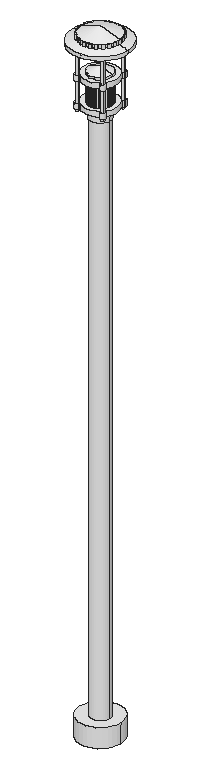
Revit family "BNM", category Lighting Fixtures, Revit 2021
Family settings
  Round Connector Dimension = Use Diameter
  Part Type = Normal
  Work Plane-Based = No
  Always vertical = Yes
  Cut with Voids When Loaded = No
  Light Source = Yes
  Shared = No
  Room Calculation Point = No
Parameters
  Wattage Comments = "60 LEDs, 66W"  # constant formula
  Wattage = 66 W
  built-in parameter 1150110 = 1 (stored number, unit not read)
  Voltage = 120 V
  URL = "https://www.currentlighting.com/kimlighting"
  Type Comments = "Lighting Fixture"  # constant formula
  built-in parameter 1114217 = 1 (stored number, unit not read)
  Tilt Angle = 90.00°
  built-in parameter 1150109 = 1 (stored number, unit not read)
  built-in parameter 1150134 = (empty or 0)
  built-in parameter 1150113 = 1 (stored number, unit not read)
  Series = "Mini_Bounce"  # constant formula
  Product Page URL = ""
  Product Documentation Link = ""
  Power Factor = 1  # constant formula
  Pole Visible = yes
  Photometric Web Link = ""
  Photometric Web File = "BNM-18LED-4K.ies"
  Photometric Notes = "More IES files download on Photometric Web Link"  # constant formula
  OmniClass Title = "Street and Roadway Lighting"  # constant formula
  OmniClass Number = "23-80 70 14 21"  # constant formula
  Number of Poles = 1
  Note Visible = yes
  Note Text = "LF"  # constant formula
  Model = "BNM"  # constant formula
  MasterFormat Title = "Parking Lighting, Site Lighting, Walkway Lighting"  # constant formula
  Manufacturer = "Kim Lighting"  # constant formula
  Lumens = 9803.77 lm
  built-in parameter 1150115 = 1 (stored number, unit not read)
  built-in parameter 1150105 = -3313674.1 (stored number, unit not read)
  Total Pole Height = 120"
  built-in parameter 1150137 = (empty or 0)
  built-in parameter 1150139 = (empty or 0)
  built-in parameter 1150112 = 1 (stored number, unit not read)
  built-in parameter 1150114 = 1 (stored number, unit not read)
  Lamp = "LED"  # constant formula
  Initial Lumens = 0 lm
  built-in parameter 1150132 = (empty or 0)
  built-in parameter 1150102 = (empty or 0)
  built-in parameter 1150138 = (empty or 0)
  built-in parameter 1150107 = 3000 (stored number, unit not read)
  built-in parameter 1150106 = -33136.7 (stored number, unit not read)
  Housing Material = Metal-Aluminum Alloy
  Glass Material = Glass-Clear
  Full Load Current = 0 A
  Finish = "All colors shall be a Super TGIC thermoset polyester powder coat paint"
  Emit from Circle Diameter = 6"  # constant formula
  Emit Shape Visible in Rendering = no
  built-in parameter 1150104 = 13.8 (stored number, unit not read)
  Dimming Lamp Color Temperature Shift = <None>
  Description = "Site/ Roadway Luminaire"  # constant formula
  Default Elevation = 0"
  Color Filter = 16777215
  Pole Material = Metal-Aluminum Alloy
  built-in parameter 1114218 = 1 (stored number, unit not read)
  Ballast Cover Material = Metal-Aluminum-Reflective
  built-in parameter 1150133 = 10 (stored number, unit not read)
  Assembly Code = "D5020200"
  Apparent Load = 0 VA
Reference planes (in)
  plane 1 "Light Source Axis (F/B)": y = 0
  plane 2 "Bottom": z = 0
  plane 3 "Light Source Axis (L/R)": x = 0
  plane 4 "Light Source Elevation": z = 132.37042
  plane 5: x = -2.44835
  plane 6: z = 127.81243
  plane 7: x = -2.74538
  plane 8: z = 126.43743
  plane 9: z = 127.43743
  plane 10: x = -3.9375
  plane 11: z = 133.12493
  plane 12: z = 132.99993
  plane 13: z = 133.81243
  plane 14: z = 134.43743
  plane 15 "Top": z = 135.12493
  plane 16 "Left": x = -6
  plane 17 "Right": x = 6
  plane 18: x = 0
  plane 19: y = 0
  plane 20: z = 132.37042
  plane 21 "Bottom of Head": z = 120
  plane 22: z = 121
  plane 23: z = 120.5
  plane 24: x = 2.74538
  plane 25: z = 122
  plane 26: y = 2.74538
  plane 27: y = -2.74538
  plane 28: x = 2.44835
Forms (in)
  Revolve 1, solid, material "Metal-Aluminum Alloy" <- "Housing Material"
    sketch origin (0, 0, -2) x (1, 0, 0) y (0, 0, 1)
      loop
        line (0, 122) -> (0, 128.43743) -> (-2.44835, 128.43743) -> (-2.44835, 122.5) -> (-1.94835, 122) -> (0, 122)
      axis (0, 128.43743) -> (0, 122)
    angle from 0 to 360
  Blend 2, solid, material "Metal-Aluminum Alloy" <- "Housing Material"
    base sketch origin (132.08336, 122.47476, 126.43743) x (0.707107, -0.707107, 0) y (0.707107, 0.707107, 0)
      loop
        arc (-3.25152, -179.54597) -> (-4.26873, -177.47427) -> (-6.34043, -176.45706) r 3.57192
        arc (-6.34043, -176.45706) -> (-6.79446, -175.5625) -> (-7.24849, -176.45706) r 0.5625
        arc (-7.24849, -176.45706) -> (-9.32019, -177.47427) -> (-10.33741, -179.54597) r 3.57192
        arc (-10.33741, -179.54597) -> (-11.23196, -180) -> (-10.33741, -180.45403) r 0.5625
        arc (-10.33741, -180.45403) -> (-9.32019, -182.52573) -> (-7.24849, -183.54294) r 3.57192
        arc (-7.24849, -183.54294) -> (-6.79446, -184.4375) -> (-6.34043, -183.54294) r 0.5625
        arc (-6.34043, -183.54294) -> (-4.26873, -182.52573) -> (-3.25152, -180.45403) r 3.57192
        arc (-3.25152, -180.45403) -> (-2.35696, -180) -> (-3.25152, -179.54597) r 0.5625
    top sketch origin (132.08336, 122.47476, 126.43743) x (0.707107, -0.707107, 0) y (0.707107, 0.707107, 0)
      loop
        arc (-3.25152, -179.54597) -> (-4.26873, -177.47427) -> (-6.34043, -176.45706) r 3.57192
        arc (-6.34043, -176.45706) -> (-6.79446, -175.5625) -> (-7.24849, -176.45706) r 0.5625
        arc (-7.24849, -176.45706) -> (-9.32019, -177.47427) -> (-10.33741, -179.54597) r 3.57192
        arc (-10.33741, -179.54597) -> (-11.23196, -180) -> (-10.33741, -180.45403) r 0.5625
        arc (-10.33741, -180.45403) -> (-9.32019, -182.52573) -> (-7.24849, -183.54294) r 3.57192
        arc (-7.24849, -183.54294) -> (-6.79446, -184.4375) -> (-6.34043, -183.54294) r 0.5625
        arc (-6.34043, -183.54294) -> (-4.26873, -182.52573) -> (-3.25152, -180.45403) r 3.57192
        arc (-3.25152, -180.45403) -> (-2.35696, -180) -> (-3.25152, -179.54597) r 0.5625
    from 0 to 1
  Extrusion 3, solid, material "Metal-Aluminum-Reflective" <- "Ballast Cover Material", detail levels medium+fine
    sketch origin (-4.44925, -180, 132.99993) x (0, -1, 0) y (-1, 0, 0)
      loop
        circle (-180, -4.44925) r 4.8125
      loop
        circle (-180, -4.44925) r 3.5
    from 0 to -0.125
  Revolve 4, solid, material "Metal-Aluminum Alloy" <- "Housing Material", detail levels medium+fine
    sketch origin (0, 0, 2) x (1, 0, 0) y (0, 0, 1)
      loop
        line (-2.74538, 131.12493) -> (-2.74538, 132.43743) -> (0, 132.43743) -> (0, 134.43743) -> (-4.12898, 133.12493) -> (-4.12898, 132.43743) -> (-4.25, 132.43743) -> (-6, 131.81243) -> (-6, 131.12493) -> (-2.74538, 131.12493)
      axis (0, 134.43743) -> (0, 131.12493)
    angle from 0 to 360
  Extrusion 5, solid, material "Metal-Aluminum Alloy" <- "Housing Material", detail levels fine
    sketch origin (0, 0, 0) x (1, 0, 0) y (0, 1, 0)
      loop
        line (-0.27303, 4.06332) -> (-0.73629, 3.99553) -> (-0.78461, 4.17585) -> (-1.31206, 4.03452) -> (-1.26375, 3.8542) -> (-1.74356, 3.65545) -> (-1.8369, 3.81712) -> (-2.30981, 3.54409) -> (-2.21646, 3.38242) -> (-2.68014, 3.06626) -> (-2.81214, 3.19826) -> (-3.19826, 2.81214) -> (-3.06626, 2.68014) -> (-3.38242, 2.26811) -> (-3.54409, 2.36145) -> (-3.81712, 1.88855) -> (-3.65545, 1.79521) -> (-3.8542, 1.31539) -> (-4.03452, 1.36371) -> (-4.17585, 0.83625) -> (-3.99553, 0.78794) -> (-4.06332, 0.27303) -> (-4.25, 0.27303) -> (-4.25, -0.27303) -> (-4.06332, -0.27303) -> (-3.99553, -0.78794) -> (-4.17585, -0.83625) -> (-4.03452, -1.36371) -> (-3.8542, -1.31539) -> (-3.65545, -1.79521) -> (-3.81712, -1.88855) -> (-3.54409, -2.36145) -> (-3.38242, -2.26811) -> (-3.06626, -2.68014) -> (-3.19826, -2.81214) -> (-2.81214, -3.19826) -> (-2.68014, -3.06626) -> (-2.21646, -3.38242) -> (-2.30981, -3.54409) -> (-1.8369, -3.81712) -> (-1.74356, -3.65545) -> (-1.26375, -3.8542) -> (-1.31206, -4.03452) -> (-0.78461, -4.17585) -> (-0.73629, -3.99553) -> (-0.27303, -4.06332) -> (-0.27303, -4.25) -> (0.27303, -4.25) -> (0.27303, -4.06332) -> (0.78794, -3.99553) -> (0.83625, -4.17585) -> (1.36371, -4.03452) -> (1.31539, -3.8542) -> (1.79521, -3.65545) -> (1.88855, -3.81712) -> (2.36145, -3.54409) -> (2.26811, -3.38242) -> (2.68014, -3.06626) -> (2.81214, -3.19826) -> (3.19826, -2.81214) -> (3.06626, -2.68014) -> (3.38242, -2.26811) -> (3.54409, -2.36145) -> (3.81712, -1.88855) -> (3.65545, -1.79521) -> (3.8542, -1.31539) -> (3.9755, -1.36371) -> (4.11683, -1.0089) -> (3.94107, -0.93889) -> (4.0043, -0.27303) -> (4.19098, -0.27303) -> (4.19098, 0.27303) -> (4.0043, 0.27303) -> (3.93651, 0.78794) -> (4.11683, 0.83625) -> (3.9755, 1.36371) -> (3.8542, 1.33121) -> (3.65545, 1.81102) -> (3.81712, 1.90436) -> (3.54409, 2.37727) -> (3.38242, 2.28392) -> (3.06626, 2.69595) -> (3.19826, 2.82796) -> (2.81214, 3.21408) -> (2.68014, 3.08208) -> (2.26811, 3.39824) -> (2.36145, 3.55991) -> (1.88855, 3.83294) -> (1.79521, 3.67127) -> (1.31539, 3.87001) -> (1.36371, 4.05033) -> (0.83625, 4.19166) -> (0.78794, 4.01134) -> (0.27303, 4.07913) -> (0.27303, 4.25) -> (-0.27303, 4.25) -> (-0.27303, 4.06332)
    from 134.43743 to 135.12493
  Extrusion 6, solid, material "Metal-Aluminum Alloy" <- "Housing Material", detail levels coarse
    sketch origin (0, 0, 0) x (1, 0, 0) y (0, 1, 0)
      loop
        circle (0, 0) r 6
    from 133.12493 to 135.12493
  Revolve 7, solid, material "Metal-Aluminum Alloy" <- "Housing Material"
    sketch origin (-6.42738, 2.74538, 48) x (-1, 0, 0) y (0, 0, 1)
      loop
        line (-3.682, 84.99993) -> (-3.682, 72.5) -> (-3.38497, 72.5) -> (-3.38497, 84.37042) -> (-3.25667, 84.37042) -> (-3.25667, 84.99993) -> (-3.682, 84.99993)
      axis (-3.682, 72.5) -> (-3.682, 84.99993)
    angle from 0 to 360
  Extrusion 8, solid, material "Metal-Aluminum Alloy" <- "Housing Material", detail levels fine
    sketch origin (0, 0, 0) x (1, 0, 0) y (0, 1, 0)
      loop
        line (-0.1592, 2.36922) -> (-0.42931, 2.32969) -> (-0.45749, 2.43484) -> (-0.76503, 2.35243) -> (-0.73686, 2.24729) -> (-1.01663, 2.1314) -> (-1.07105, 2.22567) -> (-1.34679, 2.06647) -> (-1.29237, 1.97221) -> (-1.56272, 1.78786) -> (-1.63969, 1.86483) -> (-1.86483, 1.63969) -> (-1.78786, 1.56272) -> (-1.97221, 1.32248) -> (-2.06647, 1.3769) -> (-2.22567, 1.10117) -> (-2.1314, 1.04674) -> (-2.24729, 0.76697) -> (-2.35243, 0.79514) -> (-2.43484, 0.4876) -> (-2.32969, 0.45943) -> (-2.36922, 0.1592) -> (-2.47807, 0.1592) -> (-2.47807, -0.1592) -> (-2.36922, -0.1592) -> (-2.32969, -0.45943) -> (-2.43484, -0.4876) -> (-2.35243, -0.79514) -> (-2.24729, -0.76697) -> (-2.1314, -1.04674) -> (-2.22567, -1.10117) -> (-2.06647, -1.3769) -> (-1.97221, -1.32248) -> (-1.78786, -1.56272) -> (-1.86483, -1.63969) -> (-1.63969, -1.86483) -> (-1.56272, -1.78786) -> (-1.29237, -1.97221) -> (-1.34679, -2.06647) -> (-1.07105, -2.22567) -> (-1.01663, -2.1314) -> (-0.73686, -2.24729) -> (-0.76503, -2.35243) -> (-0.45749, -2.43484) -> (-0.42931, -2.32969) -> (-0.1592, -2.36922) -> (-0.1592, -2.47807) -> (0.1592, -2.47807) -> (0.1592, -2.36922) -> (0.45943, -2.32969) -> (0.4876, -2.43484) -> (0.79514, -2.35243) -> (0.76697, -2.24729) -> (1.04674, -2.1314) -> (1.10117, -2.22567) -> (1.3769, -2.06647) -> (1.32248, -1.97221) -> (1.56272, -1.78786) -> (1.63969, -1.86483) -> (1.86483, -1.63969) -> (1.78786, -1.56272) -> (1.97221, -1.32248) -> (2.06647, -1.3769) -> (2.22567, -1.10117) -> (2.1314, -1.04674) -> (2.24729, -0.76697) -> (2.31802, -0.79514) -> (2.40042, -0.58826) -> (2.29794, -0.54744) -> (2.33481, -0.1592) -> (2.44366, -0.1592) -> (2.44366, 0.1592) -> (2.33481, 0.1592) -> (2.29528, 0.45943) -> (2.40042, 0.4876) -> (2.31802, 0.79514) -> (2.24729, 0.77619) -> (2.1314, 1.05596) -> (2.22567, 1.11039) -> (2.06647, 1.38612) -> (1.97221, 1.3317) -> (1.78786, 1.57194) -> (1.86483, 1.64891) -> (1.63969, 1.87405) -> (1.56272, 1.79708) -> (1.32248, 1.98143) -> (1.3769, 2.07569) -> (1.10117, 2.23489) -> (1.04674, 2.14062) -> (0.76697, 2.25651) -> (0.79514, 2.36165) -> (0.4876, 2.44406) -> (0.45943, 2.33892) -> (0.1592, 2.37844) -> (0.1592, 2.47807) -> (-0.1592, 2.47807) -> (-0.1592, 2.36922)
    from 122 to 126.43743
  Revolve 9, solid, material "Metal-Aluminum Alloy" <- "Housing Material"
    sketch origin (6.42738, 2.74538, 48) x (1, 0, 0) y (0, 0, -1)
      loop
        line (-3.682, -84.99993) -> (-3.25667, -84.99993) -> (-3.25667, -84.37042) -> (-3.38497, -84.37042) -> (-3.38497, -72.5) -> (-3.682, -72.5) -> (-3.682, -84.99993)
      axis (-3.682, -72.5) -> (-3.682, -84.99993)
    angle from 0 to 360
  Revolve 10, solid, material "Metal-Aluminum Alloy" <- "Housing Material"
    sketch origin (-6.42738, -2.74538, 48) x (-1, 0, 0) y (0, 0, 1)
      loop
        line (-3.682, 84.99993) -> (-3.682, 72.5) -> (-3.38497, 72.5) -> (-3.38497, 84.37042) -> (-3.25667, 84.37042) -> (-3.25667, 84.99993) -> (-3.682, 84.99993)
      axis (-3.682, 72.5) -> (-3.682, 84.99993)
    angle from 0 to 360
  Revolve 11, solid, material "Metal-Aluminum Alloy" <- "Housing Material"
    sketch origin (-6.42738, -2.74538, 48) x (-1, 0, 0) y (0, 0, 1)
      loop
        line (-9.17276, 84.99993) -> (-9.59809, 84.99993) -> (-9.59809, 84.37042) -> (-9.46979, 84.37042) -> (-9.46979, 72.5) -> (-9.17276, 72.5) -> (-9.17276, 84.99993)
      axis (-9.17276, 72.5) -> (-9.17276, 84.99993)
    angle from 0 to 360
  Blend 12, solid, material "Metal-Aluminum Alloy" <- "Housing Material"
    base sketch origin (132.08336, 122.47476, 24.87507) x (0.707107, -0.707107, 0) y (0.707107, 0.707107, 0)
      loop
        arc (-3.25152, -179.54597) -> (-4.26873, -177.47427) -> (-6.34043, -176.45706) r 3.57192
        arc (-6.34043, -176.45706) -> (-6.79446, -175.5625) -> (-7.24849, -176.45706) r 0.5625
        arc (-7.24849, -176.45706) -> (-9.32019, -177.47427) -> (-10.33741, -179.54597) r 3.57192
        arc (-10.33741, -179.54597) -> (-11.23196, -180) -> (-10.33741, -180.45403) r 0.5625
        arc (-10.33741, -180.45403) -> (-9.32019, -182.52573) -> (-7.24849, -183.54294) r 3.57192
        arc (-7.24849, -183.54294) -> (-6.79446, -184.4375) -> (-6.34043, -183.54294) r 0.5625
        arc (-6.34043, -183.54294) -> (-4.26873, -182.52573) -> (-3.25152, -180.45403) r 3.57192
        arc (-3.25152, -180.45403) -> (-2.35696, -180) -> (-3.25152, -179.54597) r 0.5625
    top sketch origin (132.08336, 122.47476, 24.87507) x (0.707107, -0.707107, 0) y (0.707107, 0.707107, 0)
      loop
        arc (-3.25152, -179.54597) -> (-4.26873, -177.47427) -> (-6.34043, -176.45706) r 3.57192
        arc (-6.34043, -176.45706) -> (-6.79446, -175.5625) -> (-7.24849, -176.45706) r 0.5625
        arc (-7.24849, -176.45706) -> (-9.32019, -177.47427) -> (-10.33741, -179.54597) r 3.57192
        arc (-10.33741, -179.54597) -> (-11.23196, -180) -> (-10.33741, -180.45403) r 0.5625
        arc (-10.33741, -180.45403) -> (-9.32019, -182.52573) -> (-7.24849, -183.54294) r 3.57192
        arc (-7.24849, -183.54294) -> (-6.79446, -184.4375) -> (-6.34043, -183.54294) r 0.5625
        arc (-6.34043, -183.54294) -> (-4.26873, -182.52573) -> (-3.25152, -180.45403) r 3.57192
        arc (-3.25152, -180.45403) -> (-2.35696, -180) -> (-3.25152, -179.54597) r 0.5625
    from 96.12493 to 97.12493
  Extrusion 13, solid, material "Glass-Clear" <- "Glass Material", detail levels medium+fine
    sketch origin (0, 0, 0) x (1, 0, 0) y (0, 1, 0)
      loop
        circle (0, 0) r 3.5
    from 132.99993 to 133.12493
  Revolve 14, solid, material "Metal-Aluminum-Reflective" <- "Ballast Cover Material", detail levels medium+fine
    sketch origin (0, 0, 0) x (1, 0, 0) y (0, 0, 1)
      loop
        line (0, 128.76504) -> (-2.44835, 127.81243) -> (-2.44835, 127.43743) -> (0, 127.43743) -> (0, 128.76504)
      axis (0, 128.76504) -> (0, 127.43743)
    angle from 0 to 360
Lines and regions (in)
  symbolic lines
    curve 1: circle (0, 0, 0) r 6 normal (0, 0, 1)
    curve 11: line (0, 0, 136.43676) -> (4.25, 0, 135.12493)
    curve 14: line (-4.3125, 0, 135.12493) -> (0, 0, 136.43676)
    curve 36: line (0, 0, 136.43678) -> (0, 4.3125, 135.12493)
    curve 39: line (0, -4.30363, 135.12313) -> (0, 0, 136.43678)
  symbolic lines, detail levels coarse
    curve 2: line (-6, 0, 0) -> (6, 0, 0)
    curve 3: line (0, 6, 0) -> (0, -6, 0)
    curve 12: line (4.25, 0, 135.12493) -> (4.25, 0, 127.43743)
    curve 13: line (-4.3125, 0, 127.43743) -> (-4.3125, 0, 135.12493)
    curve 24: line (-4.3125, 0, 135.12493) -> (-4.3125, 0, 127.43743)
    curve 34: line (4.25, 0, 135.12493) -> (-4.3125, 0, 127.43743)
    curve 35: line (-4.3125, 0, 135.12493) -> (4.25, 0, 127.43743)
    curve 37: line (0, 4.3125, 135.12493) -> (0, 4.3125, 127.43743)
    curve 38: line (0, -4.30363, 127.43743) -> (0, -4.30363, 135.12313)
    curve 40: line (0, 4.3125, 135.12493) -> (0, -4.30363, 127.43743)
    curve 41: line (0, -4.30363, 135.12313) -> (0, 4.3125, 127.43743)
    curve 44: line (0, 4.3125, 127.43743) -> (0, -4.30363, 127.43743)
    curve 89: line (4.25, 0, 127.43743) -> (-4.3125, 0, 127.43743)
    curve 90: line (3.04241, 0, 127.43743) -> (3.04241, 0, 120)
    curve 91: line (-3.04241, 0, 127.43743) -> (-3.04241, 0, 120)
    curve 92: line (3.04241, 0, 120) -> (-3.04241, 0, 120)
    curve 108: line (0, 3.04536, 127.43743) -> (0, 3.04536, 120)
    curve 109: line (0, -3.04115, 127.43743) -> (0, -3.04115, 120)
    curve 110: line (0, 3.04536, 120) -> (0, -3.04115, 120)
  symbolic lines, detail levels medium+fine
    curve 4: circle (0, 0, 0) r 4.8125 normal (0, 0, 1)
    curve 5: circle (0, 0, 0) r 0.5 normal (0, 0, 1)
    curve 16: line (3.17722, 0, 132.99993) -> (3.17722, 0, 132.37042)
    curve 17: line (3.17722, 0, 132.37042) -> (2.32132, 0, 132.37042)
    curve 18: line (2.32132, 0, 132.37042) -> (2.32132, 0, 132.99993)
    curve 19: line (4.25, 0, 134.43743) -> (6, 0, 133.81243)
    curve 20: line (6, 0, 133.81243) -> (6, 0, 133.12493)
    curve 21: line (6, 0, 133.12493) -> (-6, 0, 133.12493)
    curve 29: line (-6, 0, 133.79608) -> (-6, 0, 133.12493)
    curve 30: line (-4.3125, 0, 134.43743) -> (-6, 0, 133.81243)
    curve 31: line (4.25, 0, 134.43743) -> (4.25, 0, 135.12493)
    curve 32: line (-4.3125, 0, 135.12493) -> (-4.3125, 0, 134.43743)
    curve 45: line (0, 3.161, 132.99993) -> (0, 3.161, 132.37493)
    curve 46: line (0, 2.31486, 132.37493) -> (0, 2.31486, 132.99993)
    curve 47: line (0, 2.44752, 132.37493) -> (0, 2.44752, 120.5)
    curve 48: line (0, 3.04536, 120.5) -> (0, 3.04536, 132.37493)
    curve 49: line (0, -2.3202, 132.99993) -> (0, -2.3202, 132.37493)
    curve 50: line (0, -3.16368, 132.37493) -> (0, -3.16368, 132.99993)
    curve 51: line (0, -3.04115, 132.37493) -> (0, -3.04115, 120.5)
    curve 52: line (0, 4.3125, 134.43743) -> (0, 6.00138, 133.81243)
    curve 53: line (0, 6.00138, 133.81243) -> (0, 6.00138, 133.12493)
    curve 54: line (0, 6.00138, 133.12493) -> (0, -6, 133.12493)
    curve 55: line (0, -6, 133.12493) -> (0, -6, 133.81243)
    curve 56: line (0, -6, 133.81243) -> (0, -4.30363, 134.43743)
    curve 60: line (0, -2.3202, 132.37493) -> (0, -3.16368, 132.37493)
    curve 61: line (0, 3.161, 132.37493) -> (0, 2.31486, 132.37493)
    curve 62: line (0, 4.81765, 133.12493) -> (0, 4.81765, 132.99993)
    curve 63: line (0, 4.81765, 132.99993) -> (0, -4.8125, 132.99993)
    curve 64: line (0, -4.8125, 132.99993) -> (0, -4.8125, 133.12493)
    curve 65: line (0, 4.3125, 134.43743) -> (0, 4.3125, 135.12493)
    curve 66: line (0, -4.30987, 135.12493) -> (0, -4.30987, 134.43558)
    curve 67: line (0, -4.30987, 134.43558) -> (0, -5.99478, 133.8148)
    curve 69: line (2.44835, 0, 132.37042) -> (2.44835, 0, 120.5)
    curve 70: line (3.04241, 0, 132.37042) -> (3.04241, 0, 120.5)
    curve 71: line (3.04241, 0, 120.5) -> (2.44835, 0, 120.5)
    curve 72: line (-3.17722, 0, 132.99993) -> (-3.17722, 0, 132.37042)
    curve 73: line (-3.17722, 0, 132.37042) -> (-2.32057, 0, 132.37042)
    curve 74: line (-2.32057, 0, 132.37042) -> (-2.32057, 0, 132.99993)
    curve 75: line (-2.44835, 0, 132.37042) -> (-2.44835, 0, 120.5)
    curve 76: line (-3.04241, 0, 132.37042) -> (-3.04241, 0, 120.5)
    curve 77: line (-3.04241, 0, 120.5) -> (-2.44835, 0, 120.5)
    curve 78: line (3.57165, 0, 127.43743) -> (-3.57219, 0, 127.43743)
    curve 79: line (3.57165, 0, 126.43743) -> (3.57165, 0, 127.43743)
    curve 80: line (-3.57219, 0, 126.43743) -> (3.57165, 0, 126.43743)
    curve 81: line (-3.57219, 0, 127.43743) -> (-3.57219, 0, 126.43743)
    curve 82: line (3.57165, 0, 122) -> (-3.57219, 0, 122)
    curve 83: line (3.57165, 0, 121) -> (3.57165, 0, 122)
    curve 84: line (-3.57219, 0, 121) -> (3.57165, 0, 121)
    curve 85: line (-3.57219, 0, 122) -> (-3.57219, 0, 121)
    curve 86: line (2.44835, 0, 120.5) -> (1.94835, 0, 120)
    curve 87: line (-2.44835, 0, 120.5) -> (-1.94761, 0, 120)
    curve 88: line (1.94835, 0, 120) -> (-1.94761, 0, 120)
    curve 93: line (4.81942, 0, 133.12493) -> (4.81942, 0, 132.99993)
    curve 94: line (4.81942, 0, 132.99993) -> (-4.8125, 0, 132.99993)
    curve 95: line (-4.8125, 0, 132.99993) -> (-4.8125, 0, 133.12493)
    curve 97: line (0, 3.57186, 126.43743) -> (0, -3.56948, 126.43743)
    curve 98: line (0, 3.57186, 127.43743) -> (0, 3.57186, 126.43743)
    curve 99: line (0, -3.56948, 127.43743) -> (0, 3.57186, 127.43743)
    curve 100: line (0, -3.56948, 126.43743) -> (0, -3.56948, 127.43743)
    curve 101: line (0, 3.57186, 122) -> (0, -3.57197, 122)
    curve 102: line (0, 3.57186, 121) -> (0, 3.57186, 122)
    curve 103: line (0, -3.57197, 121) -> (0, 3.57186, 121)
    curve 104: line (0, -3.57197, 122) -> (0, -3.57197, 121)
    curve 105: line (0, 2.44752, 120.5) -> (0, 1.94752, 120)
    curve 106: line (0, 1.94752, 120) -> (0, -1.94835, 120)
    curve 107: line (0, -2.44835, 120.5) -> (0, -1.94835, 120)
    curve 111: line (0, 3.04536, 120.5) -> (0, 2.44752, 120.5)
    curve 112: line (0, -2.44835, 120.5) -> (0, -3.04115, 120.5)
    curve 113: line (0, -2.44962, 132.37493) -> (0, -2.44962, 120.5)
  symbolic lines, detail levels fine
    curve 6: circle (-2.78949, 2.78917, 0) r 0.51175 normal (0, 0, 1)
    curve 7: circle (2.78895, 2.78917, 0) r 0.51175 normal (0, 0, 1)
    curve 8: circle (-2.78949, -2.78928, 0) r 0.51175 normal (0, 0, -1)
    curve 9: circle (2.78895, -2.78928, 0) r 0.51175 normal (0, 0, -1)
    curve 10: circle (0, 0, 0) r 4.50976 normal (0, 0, 1)
    curve 15: line (2.44835, 0, 127.81243) -> (-0.0046, 0, 128.76679)
    curve 22: line (4.25, 0, 134.43743) -> (0, 0, 134.43743)
    curve 23: line (4.25, 0, 135.12493) -> (0, 0, 135.12493)
    curve 25: line (-2.45485, 0, 127.81243) -> (-0.0046, 0, 128.76679)
    curve 26: line (-4.3125, 0, 134.43743) -> (0, 0, 134.43743)
    curve 27: line (-4.3125, 0, 135.12493) -> (0, 0, 135.12493)
    curve 28: line (6, 0, 133.81243) -> (-6, 0, 133.81243)
    curve 33: line (2.5065, 0, 127.81243) -> (-2.45485, 0, 127.81243)
    curve 42: line (0, -2.41503, 127.81243) -> (0, -0.00822, 128.76816)
    curve 43: line (0, 2.44344, 127.81243) -> (0, -0.00822, 128.76816)
    curve 57: line (0, 4.3125, 134.43743) -> (0, -4.30363, 134.43743)
    curve 58: line (0, 4.3125, 135.12493) -> (0, -4.30987, 135.12493)
    curve 59: line (0, 6.00138, 133.81243) -> (0, -6, 133.81243)
    curve 68: line (0, 2.44344, 127.81243) -> (0, -2.44962, 127.81243)
    curve 96: line (2.44835, 0, 120.5) -> (-2.44835, 0, 120.5)
    curve 114: line (0, 2.44752, 120.5) -> (0, -2.44835, 120.5)
Dimensions and locks (in)
  locked: plane 5 to plane 3 "Light Source Axis (L/R)" at 2.44835
  locked: plane 7 to plane 3 "Light Source Axis (L/R)" at 2.74538
  locked: plane 10 to plane 3 "Light Source Axis (L/R)" at 3.9375
  locked: plane 23 to plane 21 "Bottom of Head" at 0.5
  locked: plane 22 to plane 21 "Bottom of Head" at 1
  locked: plane 25 to plane 21 "Bottom of Head" at 2
  locked: plane 8 to plane 21 "Bottom of Head" at 6.43743
  locked: plane 9 to plane 21 "Bottom of Head" at 7.43743
  locked: plane 6 to plane 21 "Bottom of Head" at 7.81243
  locked: plane 20 to plane 21 "Bottom of Head" at 12.37042
  locked: plane 12 to plane 21 "Bottom of Head" at 12.99993
  locked: plane 11 to plane 21 "Bottom of Head" at 13.12493
  locked: plane 13 to plane 21 "Bottom of Head" at 13.81243
  locked: plane 14 to plane 21 "Bottom of Head" at 14.43743
  locked: plane 15 "Top" to plane 21 "Bottom of Head" at 15.12493
  "Total Pole Height": plane 21 "Bottom of Head" to plane 2 "Bottom"
  equal spacing: plane 26, plane 1 "Light Source Axis (F/B)", plane 27
  locked: plane 26 to plane 27 at 5.49076
  locked: plane 3 "Light Source Axis (L/R)" to plane 24 at 2.74538
  locked: plane 3 "Light Source Axis (L/R)" to plane 28 at 2.44835
  locked: plane 16 "Left" to plane 3 "Light Source Axis (L/R)" at 6
  locked: plane 3 "Light Source Axis (L/R)" to plane 17 "Right" at 6
  aligned and locked: plane 3 "Light Source Axis (L/R)" to imposter light
  aligned and locked: imposter light to plane 1 "Light Source Axis (F/B)"
  aligned and locked: plane 4 "Light Source Elevation" to imposter light
  aligned and locked: Blend 2 to plane 9
  aligned and locked: plane 11 to Extrusion 3  (x3)
  aligned and locked: plane 12 to Extrusion 3  (x2)
  aligned and locked: Revolve 4 to plane 13
  aligned and locked: plane 16 "Left" to Revolve 4
  aligned and locked: plane 17 "Right" to Revolve 4
  aligned and locked: Blend 2 to plane 8
  aligned and locked: Extrusion 5 to plane 15 "Top"
  aligned and locked: plane 14 to Extrusion 5
  aligned and locked: Extrusion 6 to plane 15 "Top"  (x2)
  aligned and locked: Extrusion 6 to plane 11
  aligned and locked: plane 18 to nested 1
  aligned and locked: plane 25 to Extrusion 8
  aligned and locked: plane 8 to Extrusion 8
  aligned and locked: Blend 12 to plane 25
  aligned and locked: plane 22 to Blend 12
  aligned and locked: plane 11 to Extrusion 13
  aligned and locked: plane 12 to Extrusion 13
  aligned and locked: plane 4 "Light Source Elevation" to plane 20
  aligned and locked: Revolve 11 sketch curve to plane 4 "Light Source Elevation"
  aligned and locked: plane 4 "Light Source Elevation" to Revolve 9 sketch curve
  aligned and locked: plane 4 "Light Source Elevation" to Revolve 10 sketch curve
  aligned and locked: Revolve 7 sketch curve to plane 4 "Light Source Elevation"
  aligned and locked: curve 69 to plane 28
  aligned and locked: curve 75 to plane 5
  aligned and locked: plane 12 to Revolve 11 sketch curve
  aligned and locked: Revolve 10 sketch curve to plane 12
  aligned and locked: Revolve 7 sketch curve to plane 12
  aligned and locked: plane 12 to Revolve 9 sketch curve
  aligned and locked: Revolve 11 sketch curve to plane 23
  aligned and locked: plane 24 to Revolve 11 sketch curve
  aligned and locked: plane 7 to Revolve 10 sketch curve
  aligned and locked: plane 23 to Revolve 10 sketch curve
  aligned and locked: Revolve 9 sketch curve to plane 23
  aligned and locked: plane 24 to Revolve 9 sketch curve
  aligned and locked: plane 7 to Revolve 7 sketch curve
  aligned and locked: plane 23 to Revolve 7 sketch curve
  aligned and locked: plane 22 to curve 84
  aligned and locked: curve 82 to plane 25
  aligned and locked: Revolve 1 to plane 8  (x2)
  aligned and locked: Revolve 1 sketch curve to plane 21 "Bottom of Head"
  aligned and locked: plane 23 to Revolve 1 sketch curve
  aligned and locked: Revolve 1 sketch curve to plane 18
  aligned and locked: Revolve 1 sketch curve to plane 5
  aligned and locked: Revolve 1 sketch curve to plane 8
  aligned and locked: plane 25 to Blend 12  (x2)
  aligned and locked: Revolve 14 sketch curve to plane 18
  aligned and locked: plane 9 to Revolve 14 sketch curve
  aligned and locked: curve 75 to Revolve 14 sketch curve
  aligned and locked: plane 14 to Revolve 4  (x3)
  aligned and locked: Revolve 4 to plane 15 "Top"
  aligned and locked: plane 15 "Top" to Extrusion 6
  aligned and locked: Revolve 4 to plane 11  (x3)
  aligned and locked: curve 94 to plane 12
  aligned and locked: Extrusion 13 to plane 11  (x2)
  aligned and locked: Extrusion 13 to plane 12  (x2)
  aligned and locked: Revolve 4 sketch curve to plane 14
  aligned and locked: plane 11 to Revolve 4 sketch curve
  aligned and locked: plane 16 "Left" to Revolve 4 sketch curve
  aligned and locked: plane 13 to Revolve 4 sketch curve
  aligned and locked: plane 14 to Revolve 4 sketch curve  (x2)
  aligned and locked: plane 15 "Top" to Revolve 4 sketch curve
  aligned and locked: plane 18 to Revolve 4 sketch curve
  aligned and locked: Revolve 4 sketch curve to plane 18
  aligned and locked: plane 20 to imposter light
  aligned and locked: plane 9 to curve 35
  aligned and locked: curve 78 to plane 9
  aligned and locked: curve 80 to plane 8
  aligned and locked: plane 9 to Revolve 14
  aligned and locked: Blend 12 to plane 22
  aligned and locked: plane 9 to curve 34
  aligned and locked: plane 6 to curve 33  (x2)
  aligned and locked: plane 18 to Revolve 14 sketch curve
  aligned and locked: plane 6 to Revolve 14 sketch curve
  aligned and locked: plane 15 "Top" to Revolve 4
  aligned and locked: Revolve 4 to plane 14  (x2)
  aligned and locked: plane 13 to Revolve 4
  aligned and locked: plane 13 to curve 28
  aligned and locked: plane 15 "Top" to curve 31
  aligned and locked: plane 15 "Top" to curve 32
  aligned and locked: plane 13 to curve 30
  aligned and locked: plane 11 to curve 29
  aligned and locked: plane 11 to curve 21
  aligned and locked: plane 14 to curve 57
  aligned and locked: plane 15 "Top" to curve 58
  aligned and locked: plane 15 "Top" to curve 65
  aligned and locked: plane 19 to curve 39
  aligned and locked: plane 13 to curve 52
  aligned and locked: plane 11 to curve 54  (x2)
  aligned and locked: plane 12 to curve 63
  aligned and locked: plane 11 to Revolve 4
  aligned and locked: plane 13 to curve 59
  aligned and locked: plane 6 to curve 68  (x2)
  aligned and locked: plane 9 to curve 44
  aligned and locked: curve 97 to plane 8
  aligned and locked: plane 8 to Blend 2  (x2)
  aligned and locked: plane 25 to curve 101
  aligned and locked: curve 103 to plane 22
  aligned and locked: plane 21 "Bottom of Head" to curve 110
  aligned and locked: plane 18 to Extrusion 6 sketch curve
  aligned and locked: plane 19 to Extrusion 6 sketch curve
  aligned and locked: plane 19 to Extrusion 3 sketch curve  (x2)
  aligned and locked: plane 18 to Extrusion 3 sketch curve  (x2)
  aligned and locked: plane 3 "Light Source Axis (L/R)" to Extrusion 13 sketch curve
  aligned and locked: plane 1 "Light Source Axis (F/B)" to Extrusion 13 sketch curve
  aligned and locked: nested 2 to plane 18
  aligned and locked: nested 2 to plane 21 "Bottom of Head"
  aligned and locked: plane 1 "Light Source Axis (F/B)" to nested 2
Automatic sketch dimensions
  curve 56 to plane 14 = 0"
  curve 100 to plane 9 = 0"
  curve 112 to plane 23 = 0"
  curve 51 to plane 23 = 0"
  curve 113 to plane 23 = 0"
  curve 107 to plane 21 "Bottom of Head" = 0"
  curve 52 to plane 14 = 0"
  plane 1 "Light Source Axis (F/B)" to curve 43 = 0.00822"
  curve 106 to plane 27 = 0.79703"
  curve 60 to plane 4 "Light Source Elevation" = 0.00451"
  curve 60 to plane 27 = 0.42518"
  curve 42 to plane 27 = 0.33035"
  curve 112 to plane 27 = 0.29703"
  curve 68 to curve 42 = 0.03459"
  plane 27 to curve 51 = 0.29577"
  plane 27 to curve 109 = 0.29577"
  curve 50 to curve 51 = 0.12253"
  plane 27 to curve 100 = 0.8241"
  plane 27 to curve 101 = 0.82659"
  curve 40 to curve 99 = 0.73415"
  plane 14 to curve 66 = 0.00185"
  curve 66 to curve 57 = 0.00624"
  curve 64 to curve 66 = 0.50263"
  plane 13 to curve 67 = 0.00237"
  curve 67 to curve 64 = 1.18228"
  curve 59 to curve 67 = 0.00522"
  curve 105 to plane 26 = 0.79786"
  curve 46 to plane 26 = 0.43052"
  curve 68 to plane 26 = 0.30194"
  curve 114 to plane 26 = 0.29786"
  plane 26 to curve 110 = 0.29998"
  plane 26 to curve 48 = 0.29998"
  plane 26 to curve 45 = 0.41562"
  curve 48 to curve 102 = 0.52651"
  curve 108 to curve 98 = 0.52651"
  plane 26 to curve 57 = 1.56712"
  curve 57 to curve 62 = 0.50515"
  curve 62 to curve 52 = 1.18374"
  curve 42 to plane 6 = 0.95574"
  curve 61 to plane 4 "Light Source Elevation" = 0.00451"
  plane 15 "Top" to curve 41 = 0.0018"
  curve 36 to plane 15 "Top" = 1.31186"
  curve 1 to curve 4 = 0"  (x2)
  curve 1 to curve 5 = 0"  (x2)
  curve 1 to curve 10 = 0"  (x2)
  curve 4 to curve 5 = 0"  (x2)
  curve 4 to curve 10 = 0"  (x2)
  curve 5 to curve 10 = 0"  (x2)
  curve 2 to plane 1 "Light Source Axis (F/B)" = 0"
  curve 2 to plane 16 "Left" = 0"
  curve 3 to plane 3 "Light Source Axis (L/R)" = 0"
  curve 4 to plane 1 "Light Source Axis (F/B)" = 0"
  curve 4 to plane 3 "Light Source Axis (L/R)" = 0"
  curve 8 to plane 7 = 0.04411"
  curve 6 to plane 7 = 0.04411"
  curve 9 to plane 24 = 0.04357"
  curve 7 to plane 24 = 0.04357"
  plane 27 to curve 9 = 0.0439"
  plane 27 to curve 8 = 0.0439"
  plane 26 to curve 6 = 0.04379"
  plane 26 to curve 7 = 0.04379"
  curve 29 to plane 16 "Left" = 0"
  curve 28 to plane 16 "Left" = 0"
  curve 26 to plane 14 = 0"
  curve 30 to plane 14 = 0"
  curve 73 to plane 4 "Light Source Elevation" = 0"
  curve 92 to plane 21 "Bottom of Head" = 0"
  curve 77 to plane 23 = 0"
  curve 87 to plane 21 "Bottom of Head" = 0"
  curve 11 to plane 3 "Light Source Axis (L/R)" = 0"
  curve 23 to plane 3 "Light Source Axis (L/R)" = 0"
  curve 26 to plane 3 "Light Source Axis (L/R)" = 0"
  curve 18 to plane 4 "Light Source Elevation" = 0"
  curve 15 to plane 28 = 0"
  curve 19 to plane 14 = 0"
  curve 20 to plane 17 "Right" = 0"
  plane 10 to curve 84 = 0.36531"
  plane 10 to curve 80 = 0.36531"
  curve 72 to plane 7 = 0.43184"
  curve 72 to curve 76 = 0.13481"
  curve 92 to plane 7 = 0.29703"
  curve 33 to plane 5 = 0.0065"
  curve 75 to curve 74 = 0.12778"
  plane 5 to curve 87 = 0.50074"
  curve 15 to plane 3 "Light Source Axis (L/R)" = 0.0046"
  plane 28 to curve 86 = 1/2"
  plane 28 to curve 18 = 0.12704"
  curve 33 to plane 28 = 0.05814"
  curve 90 to plane 24 = 0.29703"
  curve 70 to plane 24 = 0.29703"
  curve 16 to plane 24 = 0.43184"
  curve 83 to plane 24 = 0.82627"
  curve 90 to curve 78 = 0.52924"
  curve 23 to plane 24 = 1.50462"
  curve 93 to plane 17 "Right" = 1.18058"
  curve 25 to plane 6 = 0.95436"
  curve 29 to curve 28 = 0.01635"
  curve 23 to curve 11 = 1.31183"
  Revolve 1 sketch curve to plane 3 "Light Source Axis (L/R)" = 0"
  plane 5 to Revolve 1 sketch curve = 1/2"
  Revolve 1 sketch curve to level = 26"
  Revolve 1 sketch curve to plane 15 "Top" = 39.42008"
  Blend 2 sketch curve to Blend 2 sketch curve = 0"  (x28)
  Blend 2 sketch curve to plane 26 = 0.0054"  (x2)
  plane 7 to Blend 2 sketch curve = 0.00507"  (x2)
  Blend 2 sketch curve to Blend 2 sketch curve = 0.33206"  (x10)
  Blend 2 sketch curve to Blend 2 sketch curve = 3.08891"  (x4)
  Blend 2 sketch curve to Blend 2 sketch curve = 0.45403"  (x12)
  Blend 2 sketch curve to Blend 2 sketch curve = 3.54294"  (x2)
  Revolve 4 sketch curve to plane 7 = 0"
  Revolve 4 sketch curve to level = 26"
  Revolve 4 sketch curve to plane 15 "Top" = 1 5/16"
  Revolve 4 sketch curve to Revolve 4 sketch curve = 50.2325"
  Extrusion 5 sketch curve to plane 10 = 0.05803"  (x2)
  plane 10 to Extrusion 5 sketch curve = 0.0833"  (x2)
  plane 10 to Extrusion 5 sketch curve = 0.12038"  (x2)
  Extrusion 5 sketch curve to Extrusion 5 sketch curve = 0.16167"  (x12)
  plane 10 to Extrusion 5 sketch curve = 0.39341"  (x2)
  plane 26 to Extrusion 5 sketch curve = 0.06676"
  Extrusion 5 sketch curve to plane 7 = 0.45288"  (x2)
  plane 27 to Extrusion 5 sketch curve = 0.06676"  (x2)
  Extrusion 5 sketch curve to plane 26 = 0.06524"
  Extrusion 5 sketch curve to Extrusion 5 sketch curve = 0.132"  (x4)
  Extrusion 5 sketch curve to plane 27 = 0.06524"  (x2)
  Extrusion 5 sketch curve to plane 7 = 0.06676"  (x2)
  plane 7 to Extrusion 5 sketch curve = 0.06524"  (x2)
  plane 5 to Extrusion 5 sketch curve = 0.13855"  (x2)
  Extrusion 5 sketch curve to Extrusion 5 sketch curve = 0.09334"  (x9)
  Extrusion 5 sketch curve to Extrusion 5 sketch curve = 0.4729"  (x2)
  Extrusion 5 sketch curve to Extrusion 5 sketch curve = 0.52484"  (x3)
  Extrusion 5 sketch curve to Extrusion 5 sketch curve = 0.04832"  (x12)
  Extrusion 5 sketch curve to Extrusion 5 sketch curve = 0.52745"  (x4)
  Extrusion 5 sketch curve to plane 3 "Light Source Axis (L/R)" = 0.27303"  (x2)
  plane 3 "Light Source Axis (L/R)" to Extrusion 5 sketch curve = 0.27303"  (x2)
  Extrusion 5 sketch curve to Extrusion 5 sketch curve = 0.51491"  (x4)
  Extrusion 5 sketch curve to Extrusion 5 sketch curve = 0.47982"  (x4)
  plane 28 to Extrusion 5 sketch curve = 0.18025"  (x2)
  plane 28 to Extrusion 5 sketch curve = 0.0869"  (x2)
  plane 24 to Extrusion 5 sketch curve = 0.06524"  (x2)
  Extrusion 5 sketch curve to plane 24 = 0.06676"  (x2)
  Extrusion 5 sketch curve to plane 24 = 0.32088"  (x2)
  Extrusion 5 sketch curve to plane 26 = 0.04943"
  plane 26 to Extrusion 5 sketch curve = 0.08258"
  Extrusion 5 sketch curve to Extrusion 5 sketch curve = 0.31616"  (x6)
  Extrusion 5 sketch curve to plane 27 = 0.38393"  (x2)
  Extrusion 5 sketch curve to plane 26 = 0.36812"
  Extrusion 5 sketch curve to Extrusion 5 sketch curve = 0.27303"  (x2)
  Extrusion 5 sketch curve to Extrusion 5 sketch curve = 0.19875"  (x6)
  Extrusion 5 sketch curve to Extrusion 5 sketch curve = 0.08231"
  Extrusion 5 sketch curve to Extrusion 5 sketch curve = 0.08688"
  Extrusion 5 sketch curve to Extrusion 5 sketch curve = 0.1213"  (x2)
  plane 1 "Light Source Axis (F/B)" to Extrusion 5 sketch curve = 0.27303"  (x2)
  Extrusion 5 sketch curve to Extrusion 5 sketch curve = 0.06322"
  Extrusion 5 sketch curve to plane 1 "Light Source Axis (F/B)" = 0.27303"  (x2)
  Extrusion 5 sketch curve to Extrusion 5 sketch curve = 0.06779"  (x5)
  Extrusion 5 sketch curve to Extrusion 5 sketch curve = 0.18032"  (x3)
  Extrusion 5 sketch curve to Extrusion 5 sketch curve = 0.17575"
  Extrusion 5 sketch curve to Extrusion 5 sketch curve = 0.18668"  (x4)
  Extrusion 5 sketch curve to Extrusion 5 sketch curve = 0.14133"  (x4)
  Extrusion 5 sketch curve to Extrusion 5 sketch curve = 0.4315"
  Revolve 7 sketch curve to plane 7 = 0"
  Revolve 7 sketch curve to plane 12 = 0"
  Revolve 7 sketch curve to plane 7 = 0.29703"
  Revolve 7 sketch curve to Revolve 7 sketch curve = 0.12831"
  Revolve 7 sketch curve to plane 25 = 0.74993"
  Extrusion 8 sketch curve to plane 5 = 0.02972"
  plane 5 to Extrusion 8 sketch curve = 0.01352"  (x2)
  plane 5 to Extrusion 8 sketch curve = 0.07913"  (x2)
  plane 5 to Extrusion 8 sketch curve = 0.09593"  (x2)
  Extrusion 8 sketch curve to Extrusion 8 sketch curve = 0.10514"  (x4)
  plane 5 to Extrusion 8 sketch curve = 0.22268"  (x2)
  Extrusion 8 sketch curve to Extrusion 8 sketch curve = 0.09427"  (x8)
  Extrusion 8 sketch curve to Extrusion 8 sketch curve = 0.1592"  (x2)
  Extrusion 8 sketch curve to Extrusion 8 sketch curve = 0.20164"  (x4)
  Extrusion 8 sketch curve to Extrusion 8 sketch curve = 0.07697"  (x12)
  Extrusion 8 sketch curve to Extrusion 8 sketch curve = 0.22514"  (x4)
  Extrusion 8 sketch curve to Extrusion 8 sketch curve = 0.21593"  (x2)
  Extrusion 8 sketch curve to plane 26 = 0.77317"
  Extrusion 8 sketch curve to Extrusion 8 sketch curve = 0.05443"  (x10)
  Extrusion 8 sketch curve to plane 27 = 0.77317"
  Extrusion 8 sketch curve to plane 27 = 0.51971"  (x2)
  Extrusion 8 sketch curve to Extrusion 8 sketch curve = 0.27574"  (x4)
  Extrusion 8 sketch curve to plane 26 = 0.51971"
  Extrusion 8 sketch curve to plane 26 = 0.61398"
  Extrusion 8 sketch curve to plane 27 = 0.61398"
  Extrusion 8 sketch curve to Extrusion 8 sketch curve = 0.30602"  (x3)
  Extrusion 8 sketch curve to plane 26 = 0.49809"
  Extrusion 8 sketch curve to Extrusion 8 sketch curve = 0.02817"  (x12)
  Extrusion 8 sketch curve to plane 27 = 0.49809"
  Extrusion 8 sketch curve to Extrusion 8 sketch curve = 0.30754"  (x4)
  Extrusion 8 sketch curve to plane 3 "Light Source Axis (L/R)" = 0.1592"  (x2)
  plane 3 "Light Source Axis (L/R)" to Extrusion 8 sketch curve = 0.1592"  (x2)
  Extrusion 8 sketch curve to Extrusion 8 sketch curve = 0.30023"  (x4)
  Extrusion 8 sketch curve to plane 26 = 0.30132"
  Extrusion 8 sketch curve to plane 27 = 0.31055"
  Extrusion 8 sketch curve to plane 27 = 0.39295"
  Extrusion 8 sketch curve to plane 26 = 0.38373"
  Extrusion 8 sketch curve to Extrusion 8 sketch curve = 0.27977"  (x4)
  Extrusion 8 sketch curve to plane 26 = 0.51049"
  Extrusion 8 sketch curve to plane 26 = 0.66969"
  Extrusion 8 sketch curve to plane 27 = 0.67891"
  Extrusion 8 sketch curve to Extrusion 8 sketch curve = 0.24024"  (x4)
  Extrusion 8 sketch curve to Extrusion 8 sketch curve = 0.18435"  (x2)
  plane 28 to Extrusion 8 sketch curve = 0.31695"  (x2)
  plane 28 to Extrusion 8 sketch curve = 0.20107"  (x2)
  plane 28 to Extrusion 8 sketch curve = 0.15307"
  plane 28 to Extrusion 8 sketch curve = 0.15041"
  Extrusion 8 sketch curve to Extrusion 8 sketch curve = 0.07073"  (x2)
  plane 28 to Extrusion 8 sketch curve = 0.11355"  (x2)
  plane 28 to Extrusion 8 sketch curve = 0.04793"  (x2)
  plane 28 to Extrusion 8 sketch curve = 0.0047"
  Extrusion 8 sketch curve to plane 27 = 0.26731"
  Extrusion 8 sketch curve to Extrusion 8 sketch curve = 0.04324"
  Extrusion 8 sketch curve to Extrusion 8 sketch curve = 0.10885"  (x3)
  Extrusion 8 sketch curve to Extrusion 8 sketch curve = 0.26279"  (x2)
  Extrusion 8 sketch curve to Extrusion 8 sketch curve = 0.2516"
  plane 1 "Light Source Axis (F/B)" to Extrusion 8 sketch curve = 0.1592"  (x2)
  Extrusion 8 sketch curve to plane 1 "Light Source Axis (F/B)" = 0.1592"  (x2)
  Extrusion 8 sketch curve to Extrusion 8 sketch curve = 0.08241"
  Extrusion 8 sketch curve to Extrusion 8 sketch curve = 0.03953"  (x2)
  Revolve 9 sketch curve to plane 24 = 0"
  Revolve 9 sketch curve to plane 12 = 0"
  Revolve 9 sketch curve to Revolve 9 sketch curve = 0.29703"
  Revolve 9 sketch curve to Revolve 9 sketch curve = 0.12831"
  Revolve 9 sketch curve to plane 25 = 0.74993"
  Revolve 10 sketch curve to plane 7 = 0"
  Revolve 10 sketch curve to plane 12 = 0"
  plane 7 to Revolve 10 sketch curve = 0.29703"
  Revolve 10 sketch curve to Revolve 10 sketch curve = 0.12831"
  plane 25 to Revolve 10 sketch curve = 0.74993"
  Revolve 11 sketch curve to plane 24 = 0"
  Revolve 11 sketch curve to plane 12 = 0"
  Revolve 11 sketch curve to Revolve 11 sketch curve = 0.29703"
  Revolve 11 sketch curve to Revolve 11 sketch curve = 0.42533"
  plane 25 to Revolve 11 sketch curve = 0.74993"
  Blend 12 sketch curve to Blend 12 sketch curve = 0"  (x28)
  Blend 12 sketch curve to plane 26 = 0.0054"  (x2)
  plane 7 to Blend 12 sketch curve = 0.00507"  (x2)
  Blend 12 sketch curve to Blend 12 sketch curve = 0.33206"  (x10)
  Blend 12 sketch curve to Blend 12 sketch curve = 3.08891"  (x4)
  Blend 12 sketch curve to Blend 12 sketch curve = 0.45403"  (x12)
  Blend 12 sketch curve to Blend 12 sketch curve = 3.54294"  (x2)
  Revolve 14 sketch curve to plane 9 = 0"
  Revolve 14 sketch curve to plane 6 = 0.95261"
  Revolve 14 sketch curve to Revolve 14 sketch curve = 0"
  curve 95 to plane 10 = 7/8"
  curve 24 to plane 10 = 3/8"
  Revolve 4 sketch curve to plane 10 = 5/16"
  Revolve 4 sketch curve to Revolve 4 sketch curve = 0.12102"
  Extrusion 5 sketch curve to plane 10 = 0.09702"  (x2)
  Extrusion 5 sketch curve to plane 10 = 0.12582"  (x2)
  radius of curve 4 = 4 13/16"
  radius of curve 5 = 1/2"
  radius of curve 6 = 0.51175"
  radius of curve 7 = 0.51175"
  radius of curve 8 = 0.51175"
  radius of curve 9 = 0.51175"
  radius of curve 10 = 4.50976"
  radius of Extrusion 3 sketch curve = 4 13/16"
  radius of Extrusion 3 sketch curve = 3 1/2"
  radius of Extrusion 6 sketch curve = 6"
  radius of Extrusion 13 sketch curve = 3 1/2"
Nested families (in)
  nested 1: "Notation" at (0, 6.73562, 0), visible <- "Note Visible", type "Notation"
  nested 2: "Lighting_Fixture-Kim_Lighting-Post" at (0, 0, 0), visible <- "Pole Visible", type "Lighting_Fixture-Kim_Lighting-Post"
    with Total Pole Height 120"
Connectors (in)
  electrical at (0, 0, 120), driven by "Power Factor", driven by "Apparent Load", driven by "Voltage", driven by "Number of Poles", driven by "Wattage Comments"
    settings: on Revolve 1, index 1, voltage 120 V, apparent load 0 VA, apparent load phase1 0 VA, apparent load phase2 0 VA, apparent load phase3 0 VA, power factor 1, load classification "Lighting", number of poles 1, system type 30, power factor state 1, is connector primary yes, connector utility no, sub classification motor no, connector description "60 LEDs, 66W"
Definition of nested family "Lighting_Fixture-Kim_Lighting-Post"
  Parameters
    URL = "www.kimlighting.com"
    Total Pole Height = 192"
    Series = "Site/Roadway"  # constant formula
    Revisions Date = "1/11/10"  # constant formula
    Default Elevation = 0"
    Cap Radius = Pole Radius + 1/8"  # 2 1/8"
    Base Radius = 4 1/2"  # constant formula
    Pole Radius = 2"  # constant formula
    OmniClass Title = "Lighting Poles and Standards"  # constant formula
    OmniClass Number = "23.60.30.24.14"  # constant formula
    Model = ""
    Material = none
    MasterFormat Title = "Lighting Poles and Standards"  # constant formula
    MasterFormat Number = "26.56.13"  # constant formula
    Manufacturer = "KIM Lighting"  # constant formula
    LEED = "www.usgbc.org"
    Height of Base = 4"  # constant formula
    Description = "Lighting Post"  # constant formula
    Assembly Code = "D5020280"
    Architectural Design Manual = ""
  Reference planes (in)
    plane 1 "Center (Front/Back)": y = 0
    plane 2: z = 4
    plane 3 "Center (Left/Right)": x = 0
    plane 4 "Top": z = 192
    plane 5: y = -2
    plane 6: y = -4.5
    plane 7: x = -4.5
    plane 8: x = 4.5
    plane 9: y = 4.5
  Forms (in)
    Extrusion 1, solid, material <- "Material", detail levels medium+fine
      sketch origin (0, 0, 0) x (1, 0, 0) y (0, 1, 0)
        loop
          circle (0, 0) r 4.5
      from 0 to 4
    Extrusion 2, solid, material <- "Material"
      sketch origin (0, 0, 4) x (1, 0, 0) y (0, 1, 0)
        loop
          circle (0, 0) r 2
      from -4 to 188
    Extrusion 3, solid, material <- "Material", detail levels fine
      sketch origin (0, 0, 0) x (1, 0, 0) y (0, 1, 0)
        loop
          circle (0, 0) r 2.125
      from 190.99811 to 192
  Lines and regions (in)
    Masking region 1, detail levels medium+fine
      outline origin (0, 0, 0) x (1, 0, 0) y (0, 1, 0)
        loop
          circle (0, 0) r 4.5
    Masking region 2, detail levels medium+fine
      outline origin (0, 0, 0) x (1, 0, 0) y (0, 0, 1)
        loop
          line (-4.5, 0) -> (4.5, 0) -> (4.5, 4) -> (2, 4) -> (2, 192) -> (-2, 192) -> (-2, 4) -> (-4.5, 4) -> (-4.5, 0)
    Masking region 3, detail levels medium+fine
      outline origin (0, 0, 0) x (0, 1, 0) y (0, 0, 1)
        loop
          line (4.5, 0) -> (4.5, 4) -> (2, 4) -> (2, 192) -> (-2, 192) -> (-2, 4) -> (-4.5, 4) -> (-4.5, 0) -> (4.5, 0)
    Masking region 4, detail levels coarse
      outline origin (0, 0, 0) x (1, 0, 0) y (0, 0, 1)
        loop
          line (-2, 192) -> (-2, 0) -> (2, 0) -> (2, 192) -> (-2, 192)
    Masking region 5, detail levels coarse
      outline origin (0, 0, 0) x (0, 1, 0) y (0, 0, 1)
        loop
          line (2, 192) -> (-2, 192) -> (-2, 0) -> (2, 0) -> (2, 192)
    Masking region 6, detail levels fine
      outline origin (0, 0, 0) x (1, 0, 0) y (0, 0, 1)
        loop
          line (-2.125, 192) -> (-2.125, 190.99811) -> (2.125, 190.99811) -> (2.125, 192) -> (-2.125, 192)
    symbolic lines, detail levels fine
      curve 1: circle (0, 0, 0) r 2 normal (0, 0, 1)
      curve 2: circle (0, 0, 0) r 4.5 normal (0, 0, 1)
      curve 3: line (-2, 0, 4) -> (2, 0, 4)
      curve 4: line (0, 2, 4) -> (0, -2, 4)
    symbolic lines, detail levels coarse
      curve 5: line (-4.5, 4.5, 0) -> (4.5, 4.5, 0)
      curve 6: line (-4.5, -4.5, 0) -> (-4.5, 4.5, 0)
      curve 7: line (4.5, -4.5, 0) -> (-4.5, -4.5, 0)
      curve 8: line (4.5, 4.5, 0) -> (4.5, -4.5, 0)
  Dimensions and locks (in)
    "Height of Base": plane 2 to level
    "Total Pole Height": plane 4 "Top" to level
    "Pole Radius": plane 1 "Center (Front/Back)" to plane 5
    "Base Radius": plane 1 "Center (Front/Back)" to plane 6
    Masking region 2 sketch curve to Masking region 2 sketch curve to plane 3 "Center (Left/Right)" to Masking region 2 sketch curve to Masking region 2 sketch curve = 2 1/2" locked, 2" locked, 2" locked, 2 1/2" locked
    Masking region 3 sketch curve to Masking region 3 sketch curve to plane 1 "Center (Front/Back)" to Masking region 3 sketch curve to Masking region 3 sketch curve = 2 1/2" locked, 2" locked, 2" locked, 2 1/2" locked
    "Pole Radius": plane 3 "Center (Left/Right)" to Masking region 4 sketch curve
    "Pole Radius": Masking region 4 sketch curve to plane 3 "Center (Left/Right)"
    "Pole Radius": Masking region 5 sketch curve to plane 1 "Center (Front/Back)"
    "Pole Radius": plane 1 "Center (Front/Back)" to Masking region 5 sketch curve
    "Base Radius": plane 6 to plane 1 "Center (Front/Back)"
    "Base Radius": plane 1 "Center (Front/Back)" to plane 9
    "Base Radius": plane 7 to plane 3 "Center (Left/Right)"
    "Base Radius": plane 3 "Center (Left/Right)" to plane 8
    locked: plane 4 "Top" to Extrusion 3 at 1.00189
    "Cap Radius": Masking region 6 sketch curve to plane 3 "Center (Left/Right)"  (x2)
    "Base Radius": radius of Extrusion 1 sketch curve
    "Pole Radius": radius of Extrusion 2 sketch curve
    "Base Radius": radius of curve 2
    "Pole Radius": radius of curve 1
    "Base Radius": radius of Masking region 1 sketch curve
    "Cap Radius": radius of Extrusion 3 sketch curve
    aligned and locked: plane 1 "Center (Front/Back)" to Extrusion 1 sketch curve
    aligned and locked: plane 3 "Center (Left/Right)" to Extrusion 1 sketch curve
    aligned and locked: Extrusion 1 to level
    aligned and locked: plane 2 to Extrusion 1
    aligned and locked: plane 1 "Center (Front/Back)" to Extrusion 2 sketch curve
    aligned and locked: plane 3 "Center (Left/Right)" to Extrusion 2 sketch curve
    aligned and locked: plane 4 "Top" to Extrusion 2
    aligned and locked: plane 3 "Center (Left/Right)" to curve 1
    aligned and locked: plane 3 "Center (Left/Right)" to curve 2
    aligned and locked: plane 1 "Center (Front/Back)" to curve 2
    aligned and locked: plane 1 "Center (Front/Back)" to curve 1
    aligned and locked: plane 3 "Center (Left/Right)" to Masking region 1 sketch curve
    aligned and locked: plane 1 "Center (Front/Back)" to Masking region 1 sketch curve
    aligned and locked: Extrusion 2 to level
    aligned and locked: Masking region 2 sketch curve to level
    aligned and locked: plane 2 to Masking region 2 sketch curve  (x2)
    aligned and locked: plane 4 "Top" to Masking region 2 sketch curve
    aligned and locked: Masking region 2 to curve 3  (x2)
    aligned and locked: curve 3 to plane 2
    aligned and locked: plane 4 "Top" to Masking region 3 sketch curve
    aligned and locked: plane 2 to Masking region 3 sketch curve  (x2)
    aligned and locked: Masking region 3 sketch curve to level
    aligned and locked: Masking region 3 to curve 4
    aligned and locked: plane 5 to curve 4
    aligned and locked: curve 4 to plane 2
    aligned and locked: level to Masking region 4 sketch curve
    aligned and locked: Masking region 4 sketch curve to plane 4 "Top"
    aligned and locked: level to Masking region 5 sketch curve
    aligned and locked: Masking region 5 sketch curve to plane 4 "Top"
    aligned and locked: plane 7 to curve 5
    aligned and locked: plane 9 to curve 5
    aligned and locked: plane 6 to curve 8
    aligned and locked: curve 8 to plane 8
    aligned and locked: plane 4 "Top" to Extrusion 3
    aligned and locked: plane 4 "Top" to Masking region 6 sketch curve
    aligned and locked: Masking region 6 sketch curve to Extrusion 3
  Automatic sketch dimensions
    Extrusion 3 sketch curve to plane 1 "Center (Front/Back)" = 0"
    Extrusion 3 sketch curve to plane 3 "Center (Left/Right)" = 0"
Definition of nested family "Notation"
  Parameters
    Notation = "LF"
  Reference planes (in)
    plane 1: y = 0
    plane 2: x = 0
  Text (in)
    label "Notation" at (0.02149, 0.07192, 0), shows "Notation"
